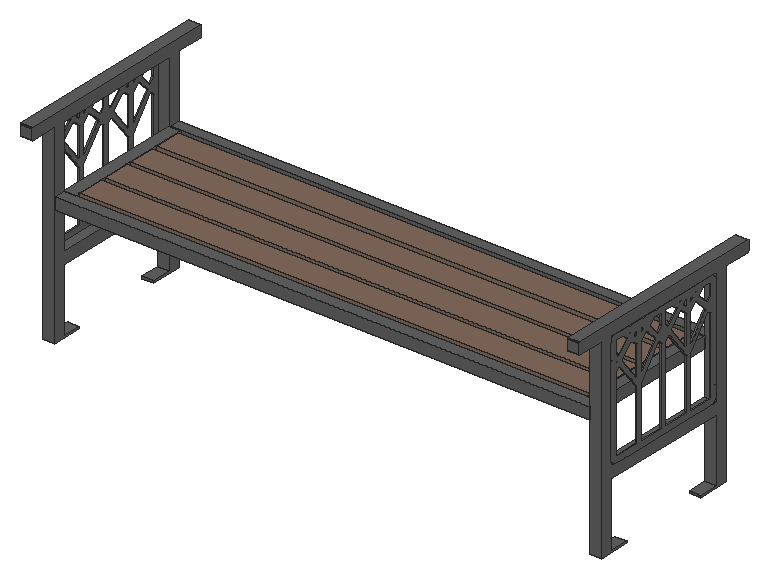
Revit family (continued)
Definition of nested family "Panel-Side-SiteScapes-Backless_Steel_Sheet_Metal"
  Lines and regions (in)
    Masking region 3, detail levels medium+fine
      outline origin (0, 0, 0) x (0, 1, 0) y (0, 0, 1)
        loop
          arc (-8.1588, 11.44224) -> (-8.1399, 11.41437) -> (-8.10702, 11.42161) r 0.03
          line (-8.10702, 11.42161) -> (-8.02769, 11.50487)
        loop
          arc (-4.78769, 13.03761) -> (-4.75413, 13.03245) -> (-4.73568, 13.06096) r 0.03125
          line (-4.73568, 13.06096) -> (-4.73568, 14.06666)
          arc (-4.73568, 14.06666) -> (-4.75532, 14.09567) -> (-4.78955, 14.08821) r 0.03125
          line (-4.78955, 14.08821) -> (-5.2861, 13.56703)
          arc (-5.2861, 13.56703) -> (-5.30323, 13.52135) -> (-5.28231, 13.47727) r 0.0625
          line (-5.28231, 13.47727) -> (-4.78769, 13.03761)
        loop
          arc (-5.6737, 13.07257) -> (-5.7179, 13.08837) -> (-5.76063, 13.06895) r 0.0625
          line (-5.76063, 13.06895) -> (-7.23078, 11.52586)
          arc (-7.23078, 11.52586) -> (-7.24793, 11.48567) -> (-7.23456, 11.44407) r 0.0625
          line (-7.23456, 11.44407) -> (-4.84724, 8.4182)
          arc (-4.84724, 8.4182) -> (-4.77769, 8.39787) -> (-4.73568, 8.45691) r 0.0625
          line (-4.73568, 8.45691) -> (-4.73568, 12.23877) -> (-5.6737, 13.07257)
        loop
          arc (-7.59368, 11.04156) -> (-7.63983, 11.06528) -> (-7.68799, 11.04596) r 0.0625
          line (-7.68799, 11.04596) -> (-8.15878, 10.55182) -> (-8.15878, 0.74126)
          arc (-8.15878, 0.74126) -> (-8.14999, 0.72004) -> (-8.12877, 0.71125) r 0.03001
          line (-8.12877, 0.71125) -> (-4.76564, 0.71125)
          arc (-4.76564, 0.71125) -> (-4.74443, 0.72003) -> (-4.73565, 0.74124) r 0.02999
          line (-4.73565, 0.74124) -> (-4.73565, 7.41907) -> (-7.59368, 11.04156)
        loop
          line (-0.75002, 12.61553) -> (-0.75002, 14.13875)
          arc (-0.75002, 14.13875) -> (-0.75881, 14.15996) -> (-0.78002, 14.16875) r 0.03
          line (-0.78002, 14.16875) -> (-2.00192, 14.16875) -> (-2.7209, 13.52966)
          arc (-2.7209, 13.52966) -> (-2.74182, 13.48554) -> (-2.72463, 13.43984) r 0.0625
          line (-2.72463, 13.43984) -> (-1.33844, 11.98487)
          arc (-1.33844, 11.98487) -> (-1.29033, 11.96555) -> (-1.24419, 11.98918) r 0.0625
          line (-1.24419, 11.98918) -> (-0.75002, 12.61553)
        loop
          line (-3.37079, 14.11806) -> (-3.19914, 13.93789)
          arc (-3.19914, 13.93789) -> (-3.15648, 13.91856) -> (-3.11237, 13.93429) r 0.0625
          line (-3.11237, 13.93429) -> (-2.90757, 14.11633)
          arc (-2.90757, 14.11633) -> (-2.89946, 14.14941) -> (-2.92751, 14.16875) r 0.03
          line (-2.92751, 14.16875) -> (-3.34907, 14.16875)
          arc (-3.34907, 14.16875) -> (-3.37664, 14.15057) -> (-3.37079, 14.11806) r 0.03
        loop
          line (-0.88113, 11.50487) -> (-0.80181, 11.42161)
          arc (-0.80181, 11.42161) -> (-0.76892, 11.41437) -> (-0.75002, 11.44224) r 0.03
          line (-0.75002, 11.44224) -> (-0.75002, 11.67138)
          arc (-0.75002, 11.67138) -> (-0.77023, 11.69974) -> (-0.80363, 11.6899) r 0.03
          line (-0.80363, 11.6899) -> (-0.88501, 11.58676)
          arc (-0.88501, 11.58676) -> (-0.89837, 11.54509) -> (-0.88113, 11.50487) r 0.0625
        loop
          line (-4.12114, 13.03761) -> (-3.62652, 13.47727)
          arc (-3.62652, 13.47727) -> (-3.60559, 13.52135) -> (-3.62273, 13.56703) r 0.0625
          line (-3.62273, 13.56703) -> (-4.11927, 14.08821)
          arc (-4.11927, 14.08821) -> (-4.15351, 14.09567) -> (-4.17315, 14.06666) r 0.03125
          line (-4.17315, 14.06666) -> (-4.17315, 13.06096)
          arc (-4.17315, 13.06096) -> (-4.1547, 13.03245) -> (-4.12114, 13.03761) r 0.03125
        loop
          line (-3.23513, 13.07257) -> (-4.17315, 12.23877) -> (-4.17315, 8.45691)
          arc (-4.17315, 8.45691) -> (-4.13114, 8.39787) -> (-4.06158, 8.4182) r 0.0625
          line (-4.06158, 8.4182) -> (-1.67427, 11.44407)
          arc (-1.67427, 11.44407) -> (-1.6609, 11.48567) -> (-1.67805, 11.52586) r 0.0625
          line (-1.67805, 11.52586) -> (-3.14819, 13.06895)
          arc (-3.14819, 13.06895) -> (-3.19093, 13.08837) -> (-3.23513, 13.07257) r 0.0625
        loop
          line (-1.31515, 11.04156) -> (-4.17318, 7.41907) -> (-4.17318, 0.74124)
          arc (-4.17318, 0.74124) -> (-4.16439, 0.72003) -> (-4.14319, 0.71125) r 0.02999
          line (-4.14319, 0.71125) -> (-0.78006, 0.71125)
          arc (-0.78006, 0.71125) -> (-0.75884, 0.72004) -> (-0.75005, 0.74126) r 0.03001
          line (-0.75005, 0.74126) -> (-0.75005, 10.55182) -> (-1.22083, 11.04596)
          arc (-1.22083, 11.04596) -> (-1.26899, 11.06528) -> (-1.31515, 11.04156) r 0.0625
    Masking region 4
      outline origin (0, -16.88, 0) x (-1, 0, 0) y (0, 0, 1)
        loop
          line (0.09, 8.5) -> (-0.09, 8.5) -> (-0.09, 0) -> (0.09, 0) -> (0.09, 8.5)
        loop
          line (0.09, 14.88) -> (-0.09, 14.88) -> (-0.09, 9.25) -> (0.09, 9.25) -> (0.09, 14.88)
        loop
          line (0.09, 9.20224) -> (-0.09, 9.20224) -> (-0.09, 8.55177) -> (0.09, 8.55177) -> (0.09, 9.20224)
    model lines, style "Bench Frame", detail levels coarse
      curve 1: line (0, -16.50525, 14.5245) -> (0, -0.18769, 14.5245)
      curve 2: line (0, -16.50525, 0.35575) -> (0, -16.50525, 14.5245)
      curve 3: line (0, -16.50525, 0.35575) -> (0, -0.18769, 0.35575)
      curve 4: line (0, -12.42586, 0.35575) -> (0, -12.42586, 14.5245)
      curve 5: line (0, -16.50525, 10.56606) -> (0, -12.73393, 14.5245)
      curve 6: line (0, -12.42586, 7.49155) -> (0, -16.50525, 12.66209)
      curve 7: line (0, -14.8551, 14.5245) -> (0, -12.42586, 12.36518)
      curve 8: line (0, -8.34647, 0.35575) -> (0, -8.34647, 14.5245)
      curve 9: line (0, -8.34647, 10.56606) -> (0, -12.11779, 14.5245)
      curve 10: line (0, -12.42586, 7.49155) -> (0, -8.34647, 12.66209)
      curve 11: line (0, -9.99661, 14.5245) -> (0, -12.42586, 12.36518)
      curve 12: line (0, -4.26708, 0.35575) -> (0, -4.26708, 14.5245)
      curve 13: line (0, -8.34647, 10.56606) -> (0, -4.57515, 14.5245)
      curve 14: line (0, -4.26708, 7.49155) -> (0, -8.34647, 12.66209)
      curve 15: line (0, -6.69632, 14.5245) -> (0, -4.26708, 12.36518)
      curve 16: line (0, -0.18769, 0.35575) -> (0, -0.18769, 14.5245)
      curve 17: line (0, -0.18769, 10.56606) -> (0, -3.95901, 14.5245)
      curve 18: line (0, -4.26708, 7.49155) -> (0, -0.18769, 12.66209)
      curve 19: line (0, -1.83783, 14.5245) -> (0, -4.26708, 12.36518)
  Dimensions and locks (in)
    equal spacing: plane 4 "Left", plane 3 "Center (Left/Right)", plane 5 "Right"
    "Thickness": plane 4 "Left" to plane 5 "Right"
    "Depth": plane 6 "Front" to plane 1 "Center (Front/Back)"
    locked: plane 8 "Back Inset" to plane 1 "Center (Front/Back)" at 0.75
    locked: plane 6 "Front" to plane 7 "Front Inset" at 0.75
    "Height": plane 10 "Top" to plane 2 "Original Bottom"
    locked: plane 10 "Top" to plane 11 at 0.71125
    locked: plane 12 "Bottom Inset" to plane 2 "Original Bottom" at 0.71125
    aligned and locked: plane 2 "Original Bottom" to level
    aligned and locked: plane 5 "Right" to Sweep 1 sketch curve
    aligned and locked: plane 4 "Left" to Sweep 1 sketch curve
    aligned and locked: plane 6 "Front" to Masking region 1 sketch curve
    aligned and locked: plane 1 "Center (Front/Back)" to Masking region 1 sketch curve
    aligned and locked: Masking region 1 sketch curve to plane 5 "Right"
    aligned and locked: Masking region 1 sketch curve to plane 4 "Left"
    aligned and locked: Masking region 2 sketch curve to plane 5 "Right"
    aligned and locked: Masking region 2 sketch curve to plane 4 "Left"
    aligned and locked: plane 2 "Original Bottom" to Masking region 2 sketch curve
    aligned and locked: plane 7 "Front Inset" to Sweep 1
    aligned and locked: plane 10 "Top" to Sweep 1
    aligned and locked: Sweep 1 to plane 11
    aligned and locked: plane 4 "Left" to Sweep 1
    aligned and locked: Sweep 1 to plane 5 "Right"
    aligned and locked: Masking region 3 sketch curve to Sweep 1  (x109)
    aligned and locked: Masking region 4 sketch curve to Sweep 1  (x4)
    aligned and locked: plane 9 "Top Inset" to Masking region 4 sketch curve
    aligned and locked: Sweep 1 to Masking region 4 sketch curve
    aligned and locked: Masking region 4 sketch curve to Masking region 2  (x2)
    aligned and locked: plane 4 "Left" to Masking region 4 sketch curve
  Automatic sketch dimensions
    plane 9 "Top Inset" to Sweep 1 sketch curve = 0' - 0 3/4"
    plane 9 "Top Inset" to Masking region 2 sketch curve = 0' - 0 3/4"
    Masking region 4 sketch curve to Masking region 4 sketch curve = 0' - 0.04776"
    plane 1 "Center (Front/Back)" to Sweep 1 sketch curve = 0' - 0.00003"  (x5)
    profile plane to Sweep 1 sketch curve = 0' - 5.63"  (x2)
    plane 1 "Center (Front/Back)" to Sweep 1 sketch curve = 0' - 1.44632"
    Sweep 1 sketch curve to Sweep 1 sketch curve = 0' - 0"  (x39)
    Sweep 1 sketch curve to Sweep 1 sketch curve = 0' - 0 1/4"  (x5)
    Sweep 1 sketch curve to Sweep 1 sketch curve = 0' - 0.25006"  (x3)
    Sweep 1 sketch curve to Sweep 1 sketch curve = 0' - 0.00004"
    Sweep 1 sketch curve to Sweep 1 sketch curve = 0' - 0.25007"  (x2)
    Sweep 1 sketch curve to Sweep 1 sketch curve = 0' - 0.00012"
    Sweep 1 sketch curve to Sweep 1 sketch curve = 0' - 0.49807"
    Sweep 1 sketch curve to Sweep 1 sketch curve = 0' - 0 1/2"
    Sweep 1 sketch curve to Sweep 1 sketch curve = 0' - 0.71125"
    Sweep 1 sketch curve to Sweep 1 sketch curve = 0' - 0.46123"  (x2)
    plane 1 "Center (Front/Back)" to Sweep 1 sketch curve = 0' - 2.00192"
    Sweep 1 sketch curve to Sweep 1 sketch curve = 0' - 0.46119"  (x3)
    Sweep 1 sketch curve to Sweep 1 sketch curve = 0' - 0.03"  (x15)
    Sweep 1 sketch curve to Sweep 1 sketch curve = 0' - 0.02069"  (x4)
    Sweep 1 sketch curve to Sweep 1 sketch curve = 0' - 0.02242"  (x4)
    plane 1 "Center (Front/Back)" to Sweep 1 sketch curve = 0' - 2.90757"
    Sweep 1 sketch curve to Sweep 1 sketch curve = 0' - 0.02984"  (x2)
    Sweep 1 sketch curve to Sweep 1 sketch curve = 0' - 0.02156"  (x4)
    Sweep 1 sketch curve to Sweep 1 sketch curve = 0' - 0.15775"  (x4)
    Sweep 1 sketch curve to Sweep 1 sketch curve = 0' - 0.04311"  (x14)
    Sweep 1 sketch curve to Sweep 1 sketch curve = 0' - 0.04671"  (x12)
    plane 1 "Center (Front/Back)" to Sweep 1 sketch curve = 0' - 3.11237"
    Sweep 1 sketch curve to Sweep 1 sketch curve = 0' - 0.37086"  (x4)
    Sweep 1 sketch curve to Sweep 1 sketch curve = 0' - 0.40463"  (x4)
    Sweep 1 sketch curve to Sweep 1 sketch curve = 0' - 0.04305"  (x4)
    plane 1 "Center (Front/Back)" to Sweep 1 sketch curve = 0' - 2.72463"
    Sweep 1 sketch curve to Sweep 1 sketch curve = 0' - 0.4047"  (x4)
    Sweep 1 sketch curve to Sweep 1 sketch curve = 0' - 0.00362"  (x4)
    Sweep 1 sketch curve to Sweep 1 sketch curve = 0' - 0.46302"  (x2)
    Sweep 1 sketch curve to Sweep 1 sketch curve = 0' - 0.02336"  (x4)
    Sweep 1 sketch curve to Sweep 1 sketch curve = 0' - 0.04302"
    Sweep 1 sketch curve to Sweep 1 sketch curve = 0' - 0.04664"  (x3)
    Sweep 1 sketch curve to Sweep 1 sketch curve = 0' - 1.25869"
    Sweep 1 sketch curve to Sweep 1 sketch curve = 0' - 0.01503"  (x17)
    Sweep 1 sketch curve to Sweep 1 sketch curve = 0' - 0.03006"  (x3)
    Sweep 1 sketch curve to Sweep 1 sketch curve = 0' - 0.23447"
    Sweep 1 sketch curve to Sweep 1 sketch curve = 0' - 1.52322"  (x2)
    plane 1 "Center (Front/Back)" to Sweep 1 sketch curve = 0' - 0.75002"
    Sweep 1 sketch curve to Sweep 1 sketch curve = 0' - 0.79883"  (x2)
    Sweep 1 sketch curve to Sweep 1 sketch curve = 0' - 0.51553"
    Sweep 1 sketch curve to Sweep 1 sketch curve = 0' - 0.58755"  (x4)
    plane 1 "Center (Front/Back)" to Sweep 1 sketch curve = 0' - 1.24419"
    Sweep 1 sketch curve to Sweep 1 sketch curve = 0' - 0.0388"  (x4)
    Sweep 1 sketch curve to Sweep 1 sketch curve = 0' - 0.29928"  (x4)
    Sweep 1 sketch curve to Sweep 1 sketch curve = 0' - 0.01852"  (x4)
    Sweep 1 sketch curve to Sweep 1 sketch curve = 0' - 0.10314"  (x4)
    Sweep 1 sketch curve to Sweep 1 sketch curve = 0' - 0.03871"  (x14)
    Sweep 1 sketch curve to Sweep 1 sketch curve = 0' - 0.45901"  (x4)
    Sweep 1 sketch curve to Sweep 1 sketch curve = 0' - 0.04317"  (x4)
    plane 1 "Center (Front/Back)" to Sweep 1 sketch curve = 0' - 0.88113"
    Sweep 1 sketch curve to Sweep 1 sketch curve = 0' - 0.04307"  (x4)
    Sweep 1 sketch curve to Sweep 1 sketch curve = 0' - 0.10581"  (x4)
    Sweep 1 sketch curve to Sweep 1 sketch curve = 0' - 0.02063"  (x4)
    plane 1 "Center (Front/Back)" to Sweep 1 sketch curve = 0' - 0.80181"
    Sweep 1 sketch curve to Sweep 1 sketch curve = 0' - 0.37565"  (x4)
    Sweep 1 sketch curve to Sweep 1 sketch curve = 0' - 0.0044"  (x4)
    plane 1 "Center (Front/Back)" to Sweep 1 sketch curve = 0' - 1.31515"
    plane 1 "Center (Front/Back)" to Sweep 1 sketch curve = 0' - 0.75005"
    Sweep 1 sketch curve to Sweep 1 sketch curve = 0' - 0.49414"  (x3)
    Sweep 1 sketch curve to profile plane = 0' - 0.79309"  (x2)
    Sweep 1 sketch curve to profile plane = 0' - 0.94817"
    Sweep 1 sketch curve to Sweep 1 sketch curve = 0' - 0 3/4"  (x6)
    Sweep 1 sketch curve to Sweep 1 sketch curve = 0' - 0.99913"  (x2)
    Sweep 1 sketch curve to Sweep 1 sketch curve = 0' - 4.68165"
    Sweep 1 sketch curve to Sweep 1 sketch curve = 0' - 4.60901"
    Sweep 1 sketch curve to Sweep 1 sketch curve = 0' - 1.25868"  (x2)
    Sweep 1 sketch curve to Sweep 1 sketch curve = 0' - 0.03001"  (x2)
    Sweep 1 sketch curve to Sweep 1 sketch curve = 0' - 0.02999"  (x2)
    Sweep 1 sketch curve to Sweep 1 sketch curve = 0' - 0.24126"  (x2)
    Sweep 1 sketch curve to Sweep 1 sketch curve = 0' - 0.4612"
    Sweep 1 sketch curve to Sweep 1 sketch curve = 0' - 0.00003"  (x2)
    plane 1 "Center (Front/Back)" to Sweep 1 sketch curve = 0' - 0.25009"
    plane 1 "Center (Front/Back)" to Sweep 1 sketch curve = 0' - 0 107/256"
    plane 1 "Center (Front/Back)" to Sweep 1 sketch curve = 0' - 0.50003"
    Sweep 1 sketch curve to Sweep 1 sketch curve = 0' - 0.13111"
    Sweep 1 sketch curve to Sweep 1 sketch curve = 0' - 0.0452"  (x2)
    Sweep 1 sketch curve to Sweep 1 sketch curve = 0' - 0.09432"
    Sweep 1 sketch curve to Sweep 1 sketch curve = 0' - 0.049"  (x2)
    Sweep 1 sketch curve to Sweep 1 sketch curve = 0' - 0.35912"  (x4)
    Sweep 1 sketch curve to Sweep 1 sketch curve = 0' - 0.00378"  (x2)
    Sweep 1 sketch curve to Sweep 1 sketch curve = 0' - 1.21991"
    Sweep 1 sketch curve to Sweep 1 sketch curve = 0' - 0.22445"
    Sweep 1 sketch curve to Sweep 1 sketch curve = 0' - 0.04525"  (x6)
    Sweep 1 sketch curve to Sweep 1 sketch curve = 0' - 0.42356"  (x4)
    Sweep 1 sketch curve to Sweep 1 sketch curve = 0' - 0.04152"  (x5)
    Sweep 1 sketch curve to Sweep 1 sketch curve = 0' - 0.04534"  (x2)
    Sweep 1 sketch curve to Sweep 1 sketch curve = 0' - 0.14993"  (x2)
    Sweep 1 sketch curve to Sweep 1 sketch curve = 0' - 0.42359"  (x2)
    Sweep 1 sketch curve to Sweep 1 sketch curve = 0' - 0.00379"  (x2)
    Sweep 1 sketch curve to Sweep 1 sketch curve = 0' - 2.74643"  (x2)
    Sweep 1 sketch curve to Sweep 1 sketch curve = 0' - 0.04907"  (x4)
    Sweep 1 sketch curve to Sweep 1 sketch curve = 0' - 0.49654"  (x2)
    Sweep 1 sketch curve to Sweep 1 sketch curve = 0' - 0.49462"  (x2)
    Sweep 1 sketch curve to Sweep 1 sketch curve = 0' - 0.02076"  (x2)
    Sweep 1 sketch curve to Sweep 1 sketch curve = 0' - 1.3331"  (x2)
    Sweep 1 sketch curve to Sweep 1 sketch curve = 0' - 0.56247"  (x2)
    Sweep 1 sketch curve to Sweep 1 sketch curve = 0' - 0.56253"  (x4)
    Sweep 1 sketch curve to Sweep 1 sketch curve = 0' - 0 1/32"  (x4)
    Sweep 1 sketch curve to Sweep 1 sketch curve = 0' - 0 1/16"  (x2)
    Sweep 1 sketch curve to Sweep 1 sketch curve = 0' - 0.47386"  (x2)
    Sweep 1 sketch curve to Sweep 1 sketch curve = 0' - 0.25194"  (x2)
    Sweep 1 sketch curve to Sweep 1 sketch curve = 0' - 0.39139"  (x2)
    Sweep 1 sketch curve to Sweep 1 sketch curve = 0' - 0.17165"  (x2)
    Sweep 1 sketch curve to Sweep 1 sketch curve = 0' - 0.0416"  (x2)
    Sweep 1 sketch curve to Sweep 1 sketch curve = 0' - 0.18486"
    Sweep 1 sketch curve to Sweep 1 sketch curve = 0' - 0.00373"  (x2)
    Sweep 1 sketch curve to Sweep 1 sketch curve = 0' - 0.90565"
    Sweep 1 sketch curve to Sweep 1 sketch curve = 0' - 1.47019"  (x2)
    Sweep 1 sketch curve to Sweep 1 sketch curve = 0' - 0.04529"  (x2)
    Sweep 1 sketch curve to Sweep 1 sketch curve = 0' - 0.33961"  (x2)
    Sweep 1 sketch curve to Sweep 1 sketch curve = 0' - 0.35919"  (x2)
    Sweep 1 sketch curve to Sweep 1 sketch curve = 0' - 0.00387"  (x2)
    Sweep 1 sketch curve to Sweep 1 sketch curve = 0' - 0.08138"  (x2)
    Sweep 1 sketch curve to Sweep 1 sketch curve = 0' - 0.07933"  (x2)
    Sweep 1 sketch curve to Sweep 1 sketch curve = 0' - 3.36313"  (x2)
    Sweep 1 sketch curve to Sweep 1 sketch curve = 0' - 1.2219"  (x3)
    Sweep 1 sketch curve to Sweep 1 sketch curve = 0' - 0.0236"  (x2)
    Sweep 1 sketch curve to Sweep 1 sketch curve = 0' - 0.56245"  (x2)
    Sweep 1 sketch curve to Sweep 1 sketch curve = 0' - 0 9/16"
    Sweep 1 sketch curve to Sweep 1 sketch curve = 0' - 0.05591"
    Sweep 1 sketch curve to Sweep 1 sketch curve = 0' - 0.41902"
    Sweep 1 sketch curve to Sweep 1 sketch curve = 0' - 0.44056"
    Sweep 1 sketch curve to Sweep 1 sketch curve = 0' - 0.67745"
    Sweep 1 sketch curve to Sweep 1 sketch curve = 0' - 0.18667"
    Sweep 1 sketch curve to Sweep 1 sketch curve = 0' - 0.20479"
    Sweep 1 sketch curve to Sweep 1 sketch curve = 0' - 0.22638"
    Sweep 1 sketch curve to Sweep 1 sketch curve = 0' - 0.11742"
    Sweep 1 sketch curve to Sweep 1 sketch curve = 0' - 0.00196"
    Sweep 1 sketch curve to Sweep 1 sketch curve = 0' - 1.2199"
    Sweep 1 sketch curve to Sweep 1 sketch curve = 0' - 0.28004"
    Sweep 1 sketch curve to Sweep 1 sketch curve = 0' - 0.28"
    Sweep 1 sketch curve to Sweep 1 sketch curve = 0' - 0.49989"
    Sweep 1 sketch curve to Sweep 1 sketch curve = 0' - 0.49992"
    Sweep 1 sketch curve to Sweep 1 sketch curve = 0' - 0.49993"
    Masking region 4 sketch curve to plane 5 "Right" = 0' - 0"
    Masking region 4 sketch curve to Masking region 4 sketch curve = 0' - 0.05177"
    Masking region 3 sketch curve to plane 11 = 0' - 0"  (x2)
    Masking region 3 sketch curve to plane 12 "Bottom Inset" = 0' - 0"
    plane 6 "Front" to Masking region 3 sketch curve = 0' - 0.25004"
    plane 6 "Front" to Masking region 3 sketch curve = 0' - 0.25005"
    Masking region 3 sketch curve to Masking region 3 sketch curve = 0' - 0.00003"
    Masking region 3 sketch curve to plane 7 "Front Inset" = 0' - 0.00003"
    plane 7 "Front Inset" to Masking region 3 sketch curve = 0' - 0.02997"
    Masking region 3 sketch curve to Masking region 3 sketch curve = 0' - 0.04907"  (x13)
    plane 7 "Front Inset" to Masking region 3 sketch curve = 0' - 0.47078"
    plane 7 "Front Inset" to Masking region 3 sketch curve = 0' - 0.49414"
    Masking region 3 sketch curve to Masking region 3 sketch curve = 0' - 0.04525"  (x12)
    Masking region 3 sketch curve to Masking region 3 sketch curve = 0' - 0.049"  (x3)
    Masking region 3 sketch curve to Masking region 3 sketch curve = 0' - 0.35912"  (x2)
    Masking region 3 sketch curve to Masking region 3 sketch curve = 0' - 0.00378"  (x2)
    Masking region 3 sketch curve to Masking region 3 sketch curve = 0' - 0.00196"
    level to Masking region 3 sketch curve = 0' - 0.25005"
    Masking region 3 sketch curve to Masking region 3 sketch curve = 0' - 0.78006"  (x2)
    Masking region 3 sketch curve to Masking region 3 sketch curve = 0' - 0.01503"  (x5)
    Masking region 3 sketch curve to Masking region 3 sketch curve = 0' - 0.04152"  (x8)
    Masking region 3 sketch curve to Masking region 3 sketch curve = 0' - 0.03006"  (x3)
    Masking region 3 sketch curve to plane 11 = 0' - 0.05242"  (x4)
    Masking region 3 sketch curve to plane 11 = 0' - 0.05069"  (x3)
    Masking region 3 sketch curve to Masking region 3 sketch curve = 0' - 0.02263"  (x3)
    Masking region 3 sketch curve to plane 11 = 0' - 1.13115"  (x3)
    Masking region 3 sketch curve to Masking region 3 sketch curve = 0' - 0.56253"  (x3)
    Masking region 3 sketch curve to Masking region 3 sketch curve = 0' - 0 1/32"  (x3)
    Masking region 3 sketch curve to plane 11 = 0' - 0.08054"  (x2)
    Masking region 3 sketch curve to Masking region 3 sketch curve = 0' - 0 1/16"  (x2)
    Masking region 3 sketch curve to plane 11 = 0' - 0.69148"
    Masking region 3 sketch curve to Masking region 3 sketch curve = 0' - 0.02172"  (x2)
    Masking region 3 sketch curve to Masking region 3 sketch curve = 0' - 0.39139"  (x2)
    Masking region 3 sketch curve to Masking region 3 sketch curve = 0' - 0.0416"  (x2)
    Masking region 3 sketch curve to plane 11 = 0' - 1.0998"
    Masking region 3 sketch curve to plane 11 = 0' - 0.23446"  (x2)
    Masking region 3 sketch curve to plane 11 = 0' - 0.63909"  (x3)
    Masking region 3 sketch curve to Masking region 3 sketch curve = 0' - 0.90565"
    Masking region 3 sketch curve to plane 11 = 0' - 2.18388"
    plane 9 "Top Inset" to Masking region 3 sketch curve = 0' - 2.54156"
    Masking region 3 sketch curve to plane 11 = 0' - 2.17957"  (x2)
    plane 9 "Top Inset" to Masking region 3 sketch curve = 0' - 2.54596"
    Masking region 3 sketch curve to Masking region 3 sketch curve = 0' - 0.0236"  (x3)
    Masking region 3 sketch curve to Masking region 3 sketch curve = 0' - 0.03"  (x2)
    Masking region 3 sketch curve to Masking region 3 sketch curve = 0' - 0.03001"
    Masking region 3 sketch curve to plane 11 = 0' - 2.74714"
    Masking region 3 sketch curve to plane 11 = 0' - 2.47885"
    Masking region 3 sketch curve to Masking region 3 sketch curve = 0' - 0.05591"
    Masking region 3 sketch curve to Masking region 3 sketch curve = 0' - 0.0452"
    Masking region 3 sketch curve to Masking region 3 sketch curve = 0' - 0.41902"
    Masking region 3 sketch curve to plane 11 = 0' - 2.72468"
    Masking region 3 sketch curve to Masking region 3 sketch curve = 0' - 0.42356"  (x2)
    Masking region 3 sketch curve to Masking region 3 sketch curve = 0' - 0.04534"  (x2)
    Masking region 3 sketch curve to plane 11 = 0' - 0.23086"  (x2)
    Masking region 3 sketch curve to plane 11 = 0' - 1.09618"
    Masking region 3 sketch curve to plane 9 "Top Inset" = 0' - 0.0818"  (x3)
    Masking region 3 sketch curve to plane 9 "Top Inset" = 0' - 0.04309"  (x2)
    Masking region 3 sketch curve to Masking region 3 sketch curve = 0' - 0.02999"  (x2)
    Masking region 3 sketch curve to plane 9 "Top Inset" = 0' - 1.08093"
    Masking region 3 sketch curve to Masking region 3 sketch curve = 0' - 0.56247"
    Masking region 3 sketch curve to Masking region 3 sketch curve = 0' - 0.02076"
    Masking region 3 sketch curve to Masking region 3 sketch curve = 0' - 0.47386"
    Masking region 3 sketch curve to plane 11 = 0' - 0.60172"
    Masking region 3 sketch curve to Masking region 3 sketch curve = 0' - 0.04531"
    Masking region 3 sketch curve to Masking region 3 sketch curve = 0' - 0.25194"
    Masking region 3 sketch curve to Masking region 3 sketch curve = 0' - 0.17165"
    Masking region 3 sketch curve to Masking region 3 sketch curve = 0' - 0.22638"
    Masking region 3 sketch curve to Masking region 3 sketch curve = 0' - 0.01993"
    level to Masking region 3 sketch curve = 0' - 0.25006"
    Masking region 3 sketch curve to Masking region 3 sketch curve = 0' - 0 3/4"
    Masking region 3 sketch curve to plane 8 "Back Inset" = 0' - 0.97333"
    Masking region 3 sketch curve to Masking region 3 sketch curve = 0' - 0.04529"
    Masking region 3 sketch curve to Masking region 3 sketch curve = 0' - 0.33961"
    Masking region 3 sketch curve to plane 8 "Back Inset" = 0' - 0.13501"
    Masking region 3 sketch curve to Masking region 3 sketch curve = 0' - 0.00387"
    Masking region 3 sketch curve to plane 8 "Back Inset" = 0' - 0.05363"
    Masking region 3 sketch curve to plane 8 "Back Inset" = 0' - 0.05181"
    Masking region 3 sketch curve to plane 8 "Back Inset" = 0' - 0.03006"
    Masking region 3 sketch curve to plane 8 "Back Inset" = 0' - 0.03002"
    Masking region 3 sketch curve to Masking region 3 sketch curve = 0' - 0.02178"
    Masking region 3 sketch curve to plane 8 "Back Inset" = 0' - 0.00005"
    Masking region 3 sketch curve to plane 8 "Back Inset" = 0' - 0.00002"
    plane 8 "Back Inset" to Masking region 3 sketch curve = 0' - 0 85/256"
    plane 1 "Center (Front/Back)" to Masking region 3 sketch curve = 0' - 0.25009"
    Masking region 3 sketch curve to Masking region 3 sketch curve = 0' - 0.00004"  (x2)
    Masking region 3 sketch curve to Masking region 3 sketch curve = 0' - 0.00006"
    plane 1 "Center (Front/Back)" to Masking region 3 sketch curve = 0' - 0.00003"  (x3)
    Masking region 3 sketch curve to Masking region 3 sketch curve = 0' - 0.25003"
    Masking region 3 sketch curve to Masking region 3 sketch curve = 0' - 0"  (x4)
    Masking region 3 sketch curve to Masking region 3 sketch curve = 0' - 1.43305"
    Masking region 3 sketch curve to Masking region 3 sketch curve = 0' - 0.45103"
    Masking region 3 sketch curve to Masking region 3 sketch curve = 0' - 0.03871"  (x2)
    Masking region 3 sketch curve to Masking region 3 sketch curve = 0' - 0.37565"
    Masking region 3 sketch curve to Masking region 3 sketch curve = 0' - 0.08179"
    Masking region 3 sketch curve to Masking region 3 sketch curve = 0' - 0.40251"
    Masking region 3 sketch curve to Masking region 3 sketch curve = 0' - 0.08326"  (x2)
    Masking region 3 sketch curve to Masking region 3 sketch curve = 0' - 0.04317"  (x2)
    Masking region 3 sketch curve to Masking region 3 sketch curve = 0' - 0.12334"
    Masking region 3 sketch curve to Masking region 3 sketch curve = 0' - 0.00431"  (x3)
    Masking region 3 sketch curve to Masking region 3 sketch curve = 0' - 0.62635"
    Masking region 3 sketch curve to Masking region 3 sketch curve = 0' - 0.41391"
    Masking region 3 sketch curve to Masking region 3 sketch curve = 0' - 0.04302"  (x2)
    Masking region 3 sketch curve to Masking region 3 sketch curve = 0' - 0.02336"
    Masking region 3 sketch curve to Masking region 3 sketch curve = 0' - 0.08976"
    plane 11 to Masking region 3 sketch curve = 0' - 0.21318"
    Masking region 3 sketch curve to Masking region 3 sketch curve = 0' - 0.25007"
    Masking region 3 sketch curve to plane 10 "Top" = 0' - 0.25006"
    Masking region 3 sketch curve to plane 10 "Top" = 0' - 0"
    plane 6 "Front" to curve 2 = 0' - 0.37475"
    plane 7 "Front Inset" to curve 7 = 0' - 1.2749"
    curve 7 to curve 5 = 0' - 2.12117"
    curve 10 to plane 9 "Top Inset" = 0' - 1.00845"
    curve 6 to plane 9 "Top Inset" = 0' - 1.00845"
    curve 11 to plane 11 = 0' - 1.80357"
    curve 5 to curve 11 = 0' - 0.30807"
    curve 7 to plane 11 = 0' - 1.80357"
    curve 4 to curve 9 = 0' - 0.30807"
    curve 9 to curve 11 = 0' - 2.12117"
    plane 9 "Top Inset" to curve 9 = 0' - 2.06606"
    plane 9 "Top Inset" to curve 13 = 0' - 2.06606"
    curve 10 to plane 11 = 0' - 1.50666"
    curve 11 to curve 8 = 0' - 1.65015"
    curve 14 to plane 11 = 0' - 1.50666"
    curve 8 to curve 15 = 0' - 1.65015"
    curve 15 to curve 13 = 0' - 2.12117"
    curve 18 to plane 9 "Top Inset" = 0' - 1.00845"
    curve 14 to plane 9 "Top Inset" = 0' - 1.00845"
    curve 13 to curve 19 = 0' - 0.30807"
    curve 12 to curve 17 = 0' - 0.30807"
    curve 19 to plane 8 "Back Inset" = 0' - 1.08783"
    plane 1 "Center (Front/Back)" to curve 16 = 0' - 0.18769"
    curve 4 to plane 12 "Bottom Inset" = 0' - 0.3555"
    plane 9 "Top Inset" to curve 5 = 0' - 2.06606"
    plane 9 "Top Inset" to curve 17 = 0' - 2.06606"
    curve 15 to plane 11 = 0' - 1.80357"
    curve 19 to curve 15 = 0' - 0"
    curve 18 to plane 11 = 0' - 1.50666"
    curve 6 to plane 11 = 0' - 1.50666"
    curve 2 to plane 10 "Top" = 0' - 0.3555"
Definition of nested family "Seat-Panel-SiteScapes-Slat"
  Parameters (values of type "Wood_Slats-6ft")
    Width = 5' - 6"
    Product Page URL = ""
    Product Documentation Link = ""
    Overall Width = 6' - 0 1/4"
    Material = Wood - SiteScapes - IPE - Brown
    Height = 0' - 1"
    Depth = 1' - 3 7/8"
    Copyright © = ""
    Assembly Code = ""
  Types (2): name | Width
    Wood_Slats-6ft | 5' - 6"
    Wood_Slats-8ft | 7' - 6"
  Reference planes (in)
    plane 1 "Center (Front/Back)": y = 0
    plane 2 "Original Bottom": z = 0
    plane 3 "Center (Left/Right)": x = 0
    plane 4 "Left": x = -33
    plane 5 "Right": x = 33
    plane 6 "Front": y = -15.875
    plane 7 "Top": z = 1
    plane 8 "Right Offset": x = 33.5
    plane 9 "Left Offset": x = -33.5
    plane 10 "Center": y = -7.9375
    plane 11: y = -16.4375
    plane 12: y = 0.5625
  Forms (in)
    Sweep 1, solid, material "Wood - SiteScapes - IPE - Brown" <- "Material", detail levels medium+fine
      path origin (0, 0, 0) x (1, 0, 0) y (0, 0, 1)
        loop
          line (33, 1) -> (-33, 1)
      profile origin (0, 0, 1) x (0, 0, -1) y (0, -1, 0)
        loop
          line (1, 0) -> (1, 3.5) -> (0, 3.5) -> (0, 0) -> (1, 0)
        loop
          line (1, 4.125) -> (1, 7.625) -> (0, 7.625) -> (0, 4.125) -> (1, 4.125)
        loop
          line (1, 8.25) -> (1, 11.75) -> (0, 11.75) -> (0, 8.25) -> (1, 8.25)
        loop
          line (1, 12.375) -> (1, 15.875) -> (0, 15.875) -> (0, 12.375) -> (1, 12.375)
  Lines and regions (in)
    Masking region 1, detail levels medium+fine
      outline origin (0, 0, 1) x (0, -1, 0) y (1, 0, 0)
        loop
          line (0, -33) -> (3.5, -33) -> (3.5, 33) -> (0, 33) -> (0, -33)
        loop
          line (4.125, -33) -> (7.625, -33) -> (7.625, 33) -> (4.125, 33) -> (4.125, -33)
        loop
          line (8.25, -33) -> (11.75, -33) -> (11.75, 33) -> (8.25, 33) -> (8.25, -33)
        loop
          line (12.375, -33) -> (15.875, -33) -> (15.875, 33) -> (12.375, 33) -> (12.375, -33)
    Masking region 2, detail levels medium+fine
      outline origin (0, 0, 0) x (1, 0, 0) y (0, 0, 1)
        loop
          line (-33.5, 1) -> (-33.5, 0) -> (33, 0) -> (33, 1) -> (-33.5, 1)
    Masking region 3, detail levels medium+fine
      outline origin (0, 0, 0) x (0, 1, 0) y (0, 0, 1)
        loop
          line (-15.875, 1) -> (-15.875, 0) -> (-12.375, 0) -> (-12.375, 1) -> (-15.875, 1)
        loop
          line (-11.75, 0) -> (-8.25, 0) -> (-8.25, 1) -> (-11.75, 1) -> (-11.75, 0)
        loop
          line (-7.625, 1) -> (-7.625, 0) -> (-4.125, 0) -> (-4.125, 1) -> (-7.625, 1)
        loop
          line (-3.5, 0) -> (0, 0) -> (0, 1) -> (-3.5, 1) -> (-3.5, 0)
    model lines, detail levels coarse
      curve 1: line (-33, -14.125, 1) -> (33, -14.125, 1)
      curve 2: line (-33, -10, 1) -> (33, -10, 1)
      curve 3: line (-33, -5.875, 1) -> (33, -5.875, 1)
      curve 4: line (-33, -1.75, 1) -> (33, -1.75, 1)
  Dimensions and locks (in)
    equal spacing: plane 4 "Left", plane 3 "Center (Left/Right)", plane 5 "Right"
    "Depth": plane 6 "Front" to plane 1 "Center (Front/Back)"
    "Height": plane 7 "Top" to plane 2 "Original Bottom"
    equal spacing: plane 1 "Center (Front/Back)", plane 10 "Center", plane 6 "Front"
    locked: plane 6 "Front" to plane 11 at 0.5625
    locked: plane 1 "Center (Front/Back)" to plane 12 at 0.5625
    equal spacing: plane 9 "Left Offset", plane 3 "Center (Left/Right)", plane 8 "Right Offset"
    plane 9 "Left Offset" to plane 4 "Left" = 0' - 0 1/2"  (x2)
    plane 5 "Right" to plane 8 "Right Offset" = 0' - 0 1/2"
    "Width": plane 4 "Left" to plane 5 "Right"
    aligned and locked: plane 2 "Original Bottom" to level
    aligned and locked: plane 7 "Top" to Sweep 1 sketch curve
    aligned and locked: plane 1 "Center (Front/Back)" to Sweep 1 sketch curve
    aligned and locked: plane 2 "Original Bottom" to Sweep 1 sketch curve  (x3)
    aligned and locked: Sweep 1 sketch curve to plane 7 "Top"  (x4)
    aligned and locked: Masking region 1 sketch curve to Sweep 1  (x7)
    aligned and locked: plane 4 "Left" to Masking region 1 sketch curve
    aligned and locked: Masking region 1 sketch curve to plane 4 "Left"  (x3)
    aligned and locked: Masking region 1 sketch curve to plane 5 "Right"  (x3)
    aligned and locked: plane 5 "Right" to Masking region 1 sketch curve
    aligned and locked: Masking region 2 sketch curve to plane 5 "Right"
    aligned and locked: Masking region 2 sketch curve to plane 7 "Top"
    aligned and locked: plane 2 "Original Bottom" to Masking region 2 sketch curve
    aligned and locked: Masking region 3 sketch curve to plane 1 "Center (Front/Back)"
    aligned and locked: plane 7 "Top" to Masking region 3 sketch curve  (x2)
    aligned and locked: Masking region 3 sketch curve to Sweep 1  (x6)
    aligned and locked: Masking region 3 sketch curve to plane 2 "Original Bottom"  (x2)
    aligned and locked: plane 2 "Original Bottom" to Masking region 3 sketch curve  (x2)
    aligned and locked: Masking region 3 sketch curve to plane 7 "Top"  (x2)
    aligned and locked: plane 6 "Front" to Sweep 1
    aligned and locked: Sweep 1 to Masking region 1 sketch curve
    aligned: plane 5 "Right" to Sweep 1
    aligned and locked: Masking region 2 sketch curve to plane 9 "Left Offset"
    aligned and locked: plane 5 "Right" to Sweep 1 sketch curve
    aligned and locked: plane 4 "Left" to Sweep 1 sketch curve
  Automatic sketch dimensions
    Sweep 1 sketch curve to Sweep 1 sketch curve = 0' - 0"
    plane 1 "Center (Front/Back)" to Sweep 1 sketch curve = 0' - 3 1/2"
    Sweep 1 sketch curve to Sweep 1 sketch curve = 0' - 0 5/8"  (x3)
    Sweep 1 sketch curve to Sweep 1 sketch curve = 0' - 3 1/2"  (x3)
    Masking region 3 sketch curve to Masking region 3 sketch curve = 0' - 0 5/8"
    curve 4 to plane 5 "Right" = 0' - 0"
    curve 3 to plane 5 "Right" = 0' - 0"
    curve 2 to plane 5 "Right" = 0' - 0"
    curve 1 to plane 5 "Right" = 0' - 0"
    plane 6 "Front" to curve 1 = 0' - 1 3/4"
    plane 1 "Center (Front/Back)" to curve 4 = 0' - 1 3/4"
    curve 3 to plane 4 "Left" = 0' - 0"
    curve 1 to plane 4 "Left" = 0' - 0"
    curve 2 to plane 4 "Left" = 0' - 0"
    curve 4 to plane 4 "Left" = 0' - 0"
    plane 10 "Center" to curve 3 = 0' - 2 1/16"
    curve 2 to plane 10 "Center" = 0' - 2 1/16"
Definition of nested family "Bracing-Horizontal-SiteScapes-Square_Steel_Tube"
  Parameters (values of type "Square_Steel_Tube-6ft")
    URL = "http://www.sitescapesonline.com/index.asp"
    Manufacturer = "SiteScapes Inc."  # constant formula
    Frame Width = 5' - 9"
    Product Page URL = ""
    Product Documentation Link = ""
    Material = Steel - SiteScapes - Powder Coat - Onyx
    Height = 0' - 1 1/2"
    Has Support Bars [instance] = yes
    Depth = 1' - 8"
    Copyright © = "2010 SiteScapes Inc."  # constant formula
    Bracing Bar Depth = 0' - 1 1/2"
    Assembly Code = ""
  Types (2): name | Frame Width
    Square_Steel_Tube-6ft | 5' - 9"
    Square_Steel_Tube-8ft | 7' - 9"
  Reference planes (in)
    plane 1 "Center (Front/Back)": y = 0
    plane 2 "Original Bottom": z = 0
    plane 3 "Center (Left/Right)": x = 0
    plane 4 "Left": x = -34.5
    plane 5 "Right": x = 34.5
    plane 6 "Front": y = -20
    plane 7 "Top": z = 1.5
    plane 8 "Front Inset": y = -18.5
    plane 9 "Back Inset": y = -1.5
    plane 10 "Bar 1 Left": x = -32.5
    plane 11 "Bar 1 Right": x = -31
    plane 12 "Bar 2 Left": x = -11.33333
    plane 13 "Bar 2 Right": x = -9.83333
    plane 14 "Bar 3 Left": x = 9.83333
    plane 15 "Bar 3 Right": x = 11.33333
    plane 16 "Bar 4 Left": x = 31
    plane 17 "Bar 4 Right": x = 32.5
  Forms (in)
    Sweep 1, solid, material "Steel - SiteScapes - Powder Coat - Onyx" <- "Material", detail levels medium+fine
      path origin (0, -20, 0) x (-1, 0, 0) y (0, 0, 1)
        loop
          line (-34.5, 1.5) -> (34.5, 1.5)
      profile origin (0, -20, 1.5) x (0, 0, 1) y (0, 1, 0)
        loop
          line (-1.5, 1.5) -> (-1.5, 0) -> (0, 0) -> (0, 1.5) -> (-1.5, 1.5)
    Sweep 2, solid, material "Steel - SiteScapes - Powder Coat - Onyx" <- "Material", visible <- "Has Support Bars", detail levels medium+fine
      path origin (0, 0, 0.05462) x (1, 0, 0) y (0, 0, 1)
        loop
          line (34.5, 1.44538) -> (-34.5, 1.44538)
      profile origin (0, 0, 1.5) x (0, 0, -1) y (0, -1, 0)
        loop
          line (1.5, 0) -> (1.5, 1.5) -> (0, 1.5) -> (0, 0) -> (1.5, 0)
    Sweep 3, solid, material "Steel - SiteScapes - Powder Coat - Onyx" <- "Material", visible <- "Has Support Bars", detail levels medium+fine
      path origin (0, 0, -1) x (0, 1, 0) y (0, 0, 1)
        loop
          line (-18.5, 1.5) -> (-1.5, 1.5)
      profile origin (0, -10, 0.5) x (0, 0, 1) y (1, 0, 0)
        loop
          line (-0.5, 32.5) -> (-0.5, 31) -> (0, 31) -> (0, 32.5) -> (-0.5, 32.5)
        loop
          line (-0.5, 11.33333) -> (-0.5, 9.83333) -> (0, 9.83333) -> (0, 11.33333) -> (-0.5, 11.33333)
        loop
          line (-0.5, -9.83333) -> (-0.5, -11.33333) -> (0, -11.33333) -> (0, -9.83333) -> (-0.5, -9.83333)
        loop
          line (-0.5, -31) -> (-0.5, -32.5) -> (0, -32.5) -> (0, -31) -> (-0.5, -31)
    Sweep 4, solid, material "Steel - SiteScapes - Powder Coat - Onyx" <- "Material", visible <- "Has Support Bars", detail levels medium+fine
      path origin (-2, 0, 0) x (1, 0, 0) y (0, 1, 0)
        loop
          line (-34.5, -1.5) -> (-34.5, -18.5)
      profile origin (-36.5, -10, 0) x (1, 0, 0) y (0, 0, 1)
        loop
          line (2, 1.5) -> (2, 0) -> (3.5, 0) -> (3.5, 1.5) -> (2, 1.5)
        loop
          line (71, 1.5) -> (69.5, 1.5) -> (69.5, 0) -> (71, 0) -> (71, 1.5)
  Lines and regions (in)
    Masking region 1, detail levels medium+fine
      outline origin (0, 0, 0) x (0, 1, 0) y (0, 0, 1)
        loop
          line (-20, 1.5) -> (-20, 0) -> (0, 0) -> (0, 1.5) -> (-20, 1.5)
    Masking region 2, detail levels medium+fine
      outline origin (0, -20, 0) x (-1, 0, 0) y (0, 0, 1)
        loop
          line (34.5, 1.5) -> (-34.5, 1.5) -> (-34.5, 0) -> (34.5, 0) -> (34.5, 1.5)
    Masking region 3, detail levels medium+fine
      outline origin (0, 0, 0) x (1, 0, 0) y (0, 1, 0)
        loop
          line (34.5, 0) -> (-34.5, 0) -> (-34.5, -1.5) -> (-32.5, -1.5) -> (-32.5, -18.5) -> (-34.5, -18.5) -> (-34.5, -20) -> (34.5, -20) -> (34.5, -18.5) -> (32.5, -18.5) -> (32.5, -1.5) -> (34.5, -1.5) -> (34.5, 0)
        loop
          line (-31, -18.5) -> (-11.33333, -18.5) -> (-11.33333, -1.5) -> (-31, -1.5) -> (-31, -18.5)
        loop
          line (-9.83333, -18.5) -> (9.83333, -18.5) -> (9.83333, -1.5) -> (-9.83333, -1.5) -> (-9.83333, -18.5)
        loop
          line (11.33333, -18.5) -> (31, -18.5) -> (31, -1.5) -> (11.33333, -1.5) -> (11.33333, -18.5)
    Masking region 4, detail levels medium+fine
      outline origin (0, 0, 0) x (1, 0, 0) y (0, 1, 0)
        loop
          line (-34.5, -1.5) -> (-34.5, -18.5) -> (-33, -18.5) -> (-33, -1.5) -> (-34.5, -1.5)
    Masking region 5, detail levels medium+fine
      outline origin (0, 0, 0) x (0, 1, 0) y (-1, 0, 0)
        loop
          line (-1.5, -34.5) -> (-1.5, -33) -> (-18.5, -33) -> (-18.5, -34.5) -> (-1.5, -34.5)
    model lines, style "Bench Frame", detail levels coarse
      curve 1: line (-34.5, -0.75, 1.5) -> (34.5, -0.75, 1.5)
      curve 2: line (34.5, -19.25, 1.5) -> (-34.5, -19.25, 1.5)
      curve 3: line (-31.75, -19.25, 1.5) -> (-31.75, -0.75, 1.5)
      curve 4: line (-10.58333, -19.25, 1.5) -> (-10.58333, -0.75, 1.5)
      curve 5: line (10.58333, -0.75, 1.5) -> (10.58333, -19.25, 1.5)
      curve 6: line (31.75, -19.25, 1.5) -> (31.75, -0.75, 1.5)
      curve 7: line (-34.5, -0.75, 1.5) -> (-34.5, -19.25, 1.5)
      curve 8: line (34.5, -19.25, 1.5) -> (34.5, -0.75, 1.5)
  Dimensions and locks (in)
    equal spacing: plane 4 "Left", plane 3 "Center (Left/Right)", plane 5 "Right"
    "Frame Width": plane 4 "Left" to plane 5 "Right"
    "Height": plane 7 "Top" to plane 2 "Original Bottom"
    "Depth": plane 6 "Front" to plane 1 "Center (Front/Back)"
    "Bracing Bar Depth": plane 6 "Front" to plane 8 "Front Inset"
    "Bracing Bar Depth": plane 9 "Back Inset" to plane 1 "Center (Front/Back)"
    plane 4 "Left" to plane 10 "Bar 1 Left" = 0' - 2"
    locked: plane 10 "Bar 1 Left" to plane 11 "Bar 1 Right" at 1.5
    locked: plane 12 "Bar 2 Left" to plane 13 "Bar 2 Right" at 1.5
    locked: plane 14 "Bar 3 Left" to plane 15 "Bar 3 Right" at 1.5
    locked: plane 16 "Bar 4 Left" to plane 17 "Bar 4 Right" at 1.5
    equal spacing: plane 11 "Bar 1 Right", plane 13 "Bar 2 Right", plane 15 "Bar 3 Right", plane 17 "Bar 4 Right"
    locked: plane 17 "Bar 4 Right" to plane 5 "Right" at 2
    equal spacing: Sweep 3, curve 3, Sweep 3, locked at 0.75 each
    equal spacing: Sweep 3, curve 4, Sweep 3, locked at 0.75 each
    equal spacing: Sweep 3, curve 5, Sweep 3, locked at 0.75 each
    equal spacing: Sweep 3, curve 6, Sweep 3, locked at 0.75 each
    aligned and locked: level to plane 2 "Original Bottom"
    aligned and locked: plane 5 "Right" to Sweep 1 sketch curve
    aligned and locked: plane 4 "Left" to Sweep 1 sketch curve
    aligned and locked: plane 7 "Top" to Sweep 1 sketch curve
    aligned and locked: profile plane to Sweep 1 sketch curve
    aligned and locked: plane 6 "Front" to Sweep 1 sketch curve
    aligned and locked: Sweep 1 sketch curve to plane 2 "Original Bottom"
    aligned and locked: plane 8 "Front Inset" to Sweep 1 sketch curve
    aligned and locked: profile plane to Sweep 2 sketch curve
    aligned and locked: plane 7 "Top" to Sweep 2 sketch curve
    aligned and locked: plane 4 "Left" to Sweep 2 sketch curve
    aligned and locked: plane 5 "Right" to Sweep 2 sketch curve
    aligned and locked: plane 1 "Center (Front/Back)" to Sweep 2 sketch curve
    aligned and locked: plane 9 "Back Inset" to Sweep 2 sketch curve
    aligned and locked: plane 2 "Original Bottom" to Sweep 2 sketch curve
    aligned and locked: plane 8 "Front Inset" to Sweep 3 sketch curve
    aligned and locked: plane 9 "Back Inset" to Sweep 3 sketch curve
    aligned: Sweep 3 sketch curve to plane 7 "Top"
    aligned and locked: plane 11 "Bar 1 Right" to Sweep 3 sketch curve
    aligned and locked: Sweep 3 sketch curve to plane 10 "Bar 1 Left"
    aligned and locked: Sweep 3 sketch curve to plane 12 "Bar 2 Left"
    aligned and locked: plane 13 "Bar 2 Right" to Sweep 3 sketch curve
    aligned and locked: Sweep 3 sketch curve to plane 14 "Bar 3 Left"
    aligned and locked: plane 15 "Bar 3 Right" to Sweep 3 sketch curve
    aligned and locked: plane 17 "Bar 4 Right" to Sweep 3 sketch curve
    aligned and locked: Sweep 3 sketch curve to plane 16 "Bar 4 Left"
    aligned: plane 2 "Original Bottom" to Sweep 3 sketch curve
    aligned and locked: Masking region 1 sketch curve to Sweep 1  (x2)
    aligned and locked: Masking region 2 sketch curve to Sweep 1  (x4)
    aligned and locked: Masking region 3 sketch curve to Sweep 1  (x3)
    aligned and locked: Masking region 3 sketch curve to plane 8 "Front Inset"
    aligned and locked: plane 12 "Bar 2 Left" to Masking region 3
    aligned and locked: Masking region 3 to plane 13 "Bar 2 Right"
    aligned and locked: Masking region 3 to plane 11 "Bar 1 Right"
    aligned and locked: plane 10 "Bar 1 Left" to Masking region 3
    aligned and locked: Masking region 3 to plane 9 "Back Inset"  (x3)
    aligned and locked: Masking region 3 to plane 15 "Bar 3 Right"
    aligned and locked: plane 14 "Bar 3 Left" to Masking region 3
    aligned and locked: plane 16 "Bar 4 Left" to Masking region 3
    aligned and locked: Masking region 3 to plane 17 "Bar 4 Right"
    aligned and locked: plane 8 "Front Inset" to Masking region 3  (x3)
    aligned and locked: Masking region 3 to plane 1 "Center (Front/Back)"
    aligned and locked: Masking region 3 to plane 6 "Front"
    aligned and locked: plane 4 "Left" to Masking region 3  (x2)
    aligned and locked: plane 5 "Right" to Masking region 3
    aligned and locked: Masking region 1 to level
    aligned and locked: Masking region 1 to plane 1 "Center (Front/Back)"
    aligned and locked: curve 2 to curve 3
    aligned and locked: curve 1 to curve 3
    aligned and locked: Sweep 3 sketch curve to level  (x4)
    aligned: plane 5 "Right" to Sweep 4
    aligned: plane 7 "Top" to Sweep 4
    aligned: Sweep 4 to plane 2 "Original Bottom"
    aligned and locked: plane 4 "Left" to Sweep 4
    aligned and locked: plane 7 "Top" to Sweep 4
    aligned and locked: Sweep 4 to plane 2 "Original Bottom"
    aligned and locked: Masking region 4 sketch curve to Sweep 4  (x4)
    aligned and locked: plane 5 "Right" to Sweep 4 sketch curve
    aligned and locked: plane 7 "Top" to Sweep 4 sketch curve
    aligned and locked: Sweep 4 sketch curve to level
    aligned and locked: curve 7 to Sweep 4
    aligned and locked: curve 8 to Sweep 4
  Automatic sketch dimensions
    level to Sweep 3 sketch curve = 0' - 0 1/2"
    Sweep 3 sketch curve to profile plane = 0' - 0"  (x4)
    Masking region 1 sketch curve to level = 0' - 0"
    Masking region 1 sketch curve to plane 1 "Center (Front/Back)" = 0' - 0"
    plane 1 "Center (Front/Back)" to Masking region 3 sketch curve = 0' - 0"
    Masking region 3 sketch curve to plane 4 "Left" = 0' - 0"
    Masking region 3 sketch curve to plane 9 "Back Inset" = 0' - 0"  (x5)
    Masking region 3 sketch curve to plane 10 "Bar 1 Left" = 0' - 0"
    Masking region 3 sketch curve to plane 8 "Front Inset" = 0' - 0"  (x4)
    Masking region 3 sketch curve to plane 11 "Bar 1 Right" = 0' - 0"
    Masking region 3 sketch curve to plane 12 "Bar 2 Left" = 0' - 0"
    Masking region 3 sketch curve to plane 13 "Bar 2 Right" = 0' - 0"
    Masking region 3 sketch curve to plane 14 "Bar 3 Left" = 0' - 0"
    Masking region 3 sketch curve to plane 15 "Bar 3 Right" = 0' - 0"
    Masking region 3 sketch curve to plane 16 "Bar 4 Left" = 0' - 0"
    Masking region 3 sketch curve to plane 17 "Bar 4 Right" = 0' - 0"
    Masking region 3 sketch curve to plane 5 "Right" = 0' - 0"
    curve 1 to plane 4 "Left" = 0' - 0"
    curve 1 to plane 5 "Right" = 0' - 0"
    curve 2 to plane 4 "Left" = 0' - 0"
    curve 2 to plane 5 "Right" = 0' - 0"
    plane 1 "Center (Front/Back)" to curve 1 = 0' - 0 3/4"
    plane 6 "Front" to curve 2 = 0' - 0 3/4"
    Sweep 4 sketch curve to plane 8 "Front Inset" = 0' - 0"
    Sweep 4 sketch curve to plane 9 "Back Inset" = 0' - 0"
    plane 4 "Left" to Sweep 4 sketch curve = 0' - 2"
    Sweep 4 sketch curve to level = 0' - 0"
    Sweep 4 sketch curve to Sweep 4 sketch curve = 0' - 1 1/2"  (x2)
    Sweep 4 sketch curve to profile plane = 0' - 3 1/2"
    level to Sweep 4 sketch curve = 0' - 1 1/2"
    Masking region 5 sketch curve to plane 5 "Right" = 0' - 0"
    Masking region 5 sketch curve to plane 8 "Front Inset" = 0' - 0"
    Masking region 5 sketch curve to plane 9 "Back Inset" = 0' - 0"
    Masking region 5 sketch curve to plane 17 "Bar 4 Right" = 0' - 0 1/2"
    curve 7 to Sweep 4 = 0' - 0 3/4"  (x2)
    curve 8 to Sweep 4 = 0' - 0 3/4"  (x2)
Definition of nested family "Unused-SiteScapes-Component"
  Parameters (values of type "Empty Space")
    Radius = Diameter / 2  # 0' - 2"
    Diameter = 0' - 4"
    Product Page URL = ""
    Product Documentation Link = ""
    Height = 0' - 2"
    Copyright © = ""
    Assembly Code = ""
  Reference planes (in)
    plane 1 "Center (Front/Back)": y = 0
    plane 2 "Original Bottom": z = 0
    plane 3 "Center (Left/Right)": x = 0
    plane 4 "Left": x = -2
    plane 5 "Right": x = 2
    plane 6 "Front": y = -2
    plane 7 "Top": z = 2
    plane 8 "Back": y = 2
  Dimensions and locks (in)
    equal spacing: plane 4 "Left", plane 3 "Center (Left/Right)", plane 5 "Right"
    "Diameter": plane 4 "Left" to plane 5 "Right"
    "Height": plane 7 "Top" to plane 2 "Original Bottom"
    equal spacing: plane 8 "Back", plane 1 "Center (Front/Back)", plane 6 "Front"
    "Diameter": plane 6 "Front" to plane 8 "Back"
    aligned and locked: plane 2 "Original Bottom" to level
Types (3): name | Side Panel Width | Product Documentation Link | Panel Back Width | Model | Length | Frame Width | Description | 02 Bracing Horizontal Type | 01 Panel Type
  (no name) | 6' - 0" | "http://www.sitescapesonline.com/PDF/BN1-1100%20-%20Customer%20Print.PDF" | 5' - 7" | "BN1-1100" | 6' - 0" | 5' - 9" | "Banning Pattern, Backless Bench, Six foot length, Steel Bar Ends" | Bracing-Horizontal-SiteScapes-Square_Steel_Tube : Square_Steel_Tube-6ft | Seat-Panel-SiteScapes-Slat : Wood_Slats-6ft
  BN1-1100 | 6' - 0" | "http://www.sitescapesonline.com/PDF/BN1-1100%20-%20Customer%20Print.PDF" | 5' - 7" | "BN1-1100" | 6' - 0" | 5' - 9" | "Banning Pattern, Backless Bench, Six foot length, Steel Bar Ends" | Bracing-Horizontal-SiteScapes-Square_Steel_Tube : Square_Steel_Tube-6ft | Seat-Panel-SiteScapes-Slat : Wood_Slats-6ft
  BN1-2100 | 8' - 0" | "http://www.sitescapesonline.com/PDF/BN1-2100%20-%20Customer%20Print.PDF" | 7' - 7" | "BN1-2100" | 8' - 0" | 7' - 9" | "Banning Pattern, Backless Bench, Eight foot length, Steel Bar Ends" | Bracing-Horizontal-SiteScapes-Square_Steel_Tube : Square_Steel_Tube-8ft | Seat-Panel-SiteScapes-Slat : Wood_Slats-8ft
